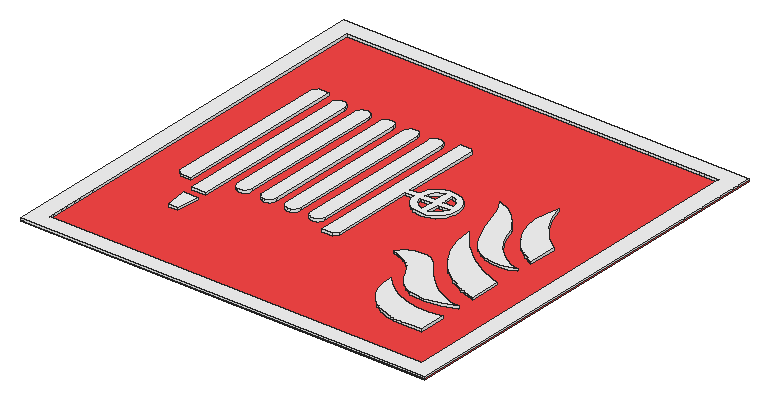
Revit family "GRAS_HW-52N-KP-15-20 HS Z", category Osprzęt hydrauliczny, Revit 2018
Family settings
  Obiekt nadrzędny = Powierzchnia
  Wymiar okrągłego złącza = Użyj średnicy
  Typ części = Normalny
  Tnij formami wycięć po wczytaniu = Nie
  Współdzielony = Nie
  Punkt obliczania pomieszczeń = Nie
Parameters (values of type "HW-52N-KP-15-20 HS-Z, RAL3000")
  URL = "http://www.gras.pl/"
  Top Right Supply Connection = ""
  Top Left Supply Connection = ""
  Side Right Supply Connection = ""
  Side Left Supply Connection = ""
  Producent = "GRAS PPPH"
  Pictogram_height = 90 mm
  Opis = "http://gras.pl/wp-content/uploads/2020/05/hw-52n-kp-15%EF%80%A220-hs-z.pdf"
  Model = "HW-52N-KP-15-20 HS-Z, RAL3000"
  K Factor = 42
  H1 = 120 mm
  Flow = 246.0 L/s
  Door_Right - Door_Left [instance] = no
  Default Elevation = 0 mm
  DN = 50 mm
  D1 = 100 mm
  Cabinet width = 600 mm
  Cabinet material = DC01, RAL3000
  Cabinet height = 900 mm
  Cabinet depth = 200 mm
  Back Right Supply Connection = ""
  Back Left Supply Connection = ""
  0 = 0 mm
Types (2, lengths in mm): name | Model | Cabinet material
  HW-52N-KP-15-20 HS-Z, RAL9010 | "HW-52N-KP-15-20 HS-Z, RAL9010" | DC01, RAL9010
  HW-52N-KP-15-20 HS-Z, RAL3000 | "HW-52N-KP-15-20 HS-Z, RAL3000" | DC01, RAL3000
Reference planes
  plane 1 "Środek (Przód/Tył)": y = 0
  plane 2: z = 0
  plane 3 "Środek (Lewa/Prawa)": x = 0
  plane 4: y = 450
  plane 5: y = -450
  plane 6: x = -300
  plane 7: x = 300
  plane 8: z = 200
  plane 9: z = 130
  plane 10: x = 397.5
  plane 11: z = 0
  plane 12: x = -397.5
  plane 13: z = 130
  plane 14: z = 130
Forms (mm)
  Extrusion 1, solid, not visible
    sketch origin (0, 0, 0) x (1, 0, 0) y (0, 1, 0)
      loop
        line (-1219.2, 1219.2) -> (-1219.2, -1219.2) -> (1219.2, -1219.2) -> (1219.2, 1219.2) -> (-1219.2, 1219.2)
    from 0 to -304.8
Dimensions and locks
  equal spacing: plane 4, plane 1 "Środek (Przód/Tył)", plane 5
  "Cabinet height": plane 4 to plane 5
  equal spacing: plane 6, plane 3 "Środek (Lewa/Prawa)", plane 7
  "Cabinet width": plane 6 to plane 7
  "Cabinet depth": plane 8 to Extrusion 1
  "0": nested 1 to plane 8
  "0": plane 3 "Środek (Lewa/Prawa)" to nested 1
  "0": plane 3 "Środek (Lewa/Prawa)" to nested 2
  "0": plane 1 "Środek (Przód/Tył)" to nested 2
  "Pictogram_height": plane 4 to nested 1
  aligned and locked: plane 2 to Extrusion 1
  aligned and locked: level to Extrusion 1
Automatic sketch dimensions
  Extrusion 1 sketch curve to Extrusion 1 sketch curve = 2438.4 mm  (x2)
Nested families
  nested 1: "pictogram_hydrant" at (0, 285, 200), type "150x150"
  nested 2: "Cabinet_complet" at (0, 0, 0), visible <- "Door_Right - Door_Left", type "Cabinet_complet"
    with Hinge_H2 738 mm, Half_Height 450 mm, Height 900 mm, Door_Height 834 mm, Door_Half_Height 417 mm
Connectors
  piping at (299, 330, 100), diameter 50, driven by "DN", driven by "Flow"
    settings: on nested 2, index 1, connector inside diameter 609.6 mm, connector length 0 mm, flow factor 0, pipe flow 246.0 L/s, pressure drop 0.0 Pa, fitting loss kfactor 0, connector angle 0.00°, fixture units 0, engagement length 0 mm, angle of deflection 0.00°, flow configuration 0, flow direction 0, fitting loss method 0, system type 7, joint type 0, gender type 0, connector reference index -1, connector utility 0, adjustable connector no, is connector primary yes, connector description ""
  piping at (-300, 330, 100), diameter 50, driven by "DN", driven by "Flow"
    settings: on nested 2, index 3, connector inside diameter 609.6 mm, connector length 0 mm, flow factor 0, pipe flow 246.0 L/s, pressure drop 0.0 Pa, fitting loss kfactor 0, connector angle 0.00°, fixture units 0, engagement length 0 mm, angle of deflection 0.00°, flow configuration 0, flow direction 0, fitting loss method 0, system type 19, joint type 0, gender type 0, connector reference index -1, connector utility 0, adjustable connector no, is connector primary no, connector description ""
Definition of nested family "pictogram_hydrant"
  Parameters (values of type "150x150")
    pictogram_color_white = none
    pictogram_color_red = none
    W = 150 mm
    H = 150 mm
    Default Elevation = 1219.2 mm
  Reference planes
    plane 1 "Środek (Przód/Tył)": y = 0
    plane 2: z = 0
    plane 3 "Środek (Lewa/Prawa)": x = 0
    plane 4: x = -75
    plane 5: x = 75
    plane 6: y = 75
    plane 7: x = -75
    plane 8: x = 75
    plane 9: y = 75
    plane 10: y = -75
  Forms (mm)
    Extrusion 1, solid, material <- "pictogram_color_white", detail levels fine
      sketch origin (0, 0, 0) x (1, 0, 0) y (0, 1, 0)
        loop
          arc (-42.375, 34.5) -> (-45, 37.125) -> (-47.625, 34.5) r 2.625
          line (-47.625, 34.5) -> (-47.625, -29.625) -> (-42.375, -29.625) -> (-42.375, 34.5)
        loop
          arc (-38.625, -19.5) -> (-36, -22.125) -> (-33.375, -19.5) r 2.625
          line (-33.375, -19.5) -> (-33.375, 34.5)
          arc (-33.375, 34.5) -> (-36, 37.125) -> (-38.625, 34.5) r 2.625
          line (-38.625, 34.5) -> (-38.625, -19.5)
        loop
          arc (-29.625, -19.5) -> (-27, -22.125) -> (-24.375, -19.5) r 2.625
          line (-24.375, -19.5) -> (-24.375, 34.5)
          arc (-24.375, 34.5) -> (-27, 37.125) -> (-29.625, 34.5) r 2.625
          line (-29.625, 34.5) -> (-29.625, -19.5)
        loop
          arc (-20.625, -19.5) -> (-18, -22.125) -> (-15.375, -19.5) r 2.625
          line (-15.375, -19.5) -> (-15.375, 34.5)
          arc (-15.375, 34.5) -> (-18, 37.125) -> (-20.625, 34.5) r 2.625
          line (-20.625, 34.5) -> (-20.625, -19.5)
        loop
          arc (-11.625, -19.5) -> (-9, -22.125) -> (-6.375, -19.5) r 2.625
          line (-6.375, -19.5) -> (-6.375, 34.5)
          arc (-6.375, 34.5) -> (-9, 37.125) -> (-11.625, 34.5) r 2.625
          line (-11.625, 34.5) -> (-11.625, -19.5)
        loop
          arc (8.096, 6.375) -> (9.601, 3.593) -> (12.375, 2.075) r 5.587
          line (12.375, 2.075) -> (12.375, 6.375) -> (8.096, 6.375)
        loop
          arc (14.625, 2.05) -> (17.477, 3.549) -> (19.026, 6.375) r 5.587
          line (19.026, 6.375) -> (14.625, 6.375) -> (14.625, 2.05)
        loop
          arc (12.375, 12.994) -> (9.576, 11.45) -> (8.081, 8.625) r 5.587
          line (8.081, 8.625) -> (12.375, 8.625) -> (12.375, 12.994)
        loop
          arc (19.04, 8.625) -> (17.502, 11.494) -> (14.625, 13.019) r 5.587
          line (14.625, 13.019) -> (14.625, 8.625) -> (19.04, 8.625)
        loop
          arc (30.735, -35.586) -> (34.985, -47.78) -> (46.5, -53.625) r 17.285
          line (46.5, -53.625) -> (56.625, -53.625) -> (56.625, -43.857)
          arc (56.625, -43.857) -> (42.542, -43.284) -> (30.735, -35.586) r 26.558
        loop
          arc (43.5, 26.625) -> (44.037, 9.214) -> (56.632, -2.819) r 22.981
          line (56.632, -2.819) -> (56.601, 7.732)
          arc (56.601, 7.732) -> (48.159, 15.867) -> (43.5, 26.625) r 29.857
        loop
          arc (36.375, -1.5) -> (44.77, -9.178) -> (56.121, -8.425) r 14.487
          arc (56.121, -8.425) -> (50.239, -6.221) -> (45.629, -1.954) r 16.287
          arc (45.629, -1.954) -> (42.437, 2.964) -> (40.404, 8.464) r 26.509
          arc (40.404, 8.464) -> (34.776, 15.029) -> (27.375, 19.5) r 27.251
          arc (27.375, 19.5) -> (29.19, 16.657) -> (30.375, 13.5) r 16.152
          arc (30.375, 13.5) -> (32.842, 5.787) -> (36.375, -1.5) r 57.118
        loop
          line (75, -75) -> (75, 75) -> (-75, 75) -> (-75, -75) -> (75, -75)
        loop
          line (69, -69) -> (69, 69) -> (-69, 69) -> (-69, -69) -> (69, -69)
        loop
          line (-55.125, -25.5) -> (-51.375, -25.5) -> (-51.375, 38.625) -> (-55.125, 38.625) -> (-56.625, 37.125) -> (-56.625, -24) -> (-55.125, -25.5)
        loop
          line (-43.234, -41.671) -> (-42.368, -33.375) -> (-47.658, -33.375) -> (-46.721, -41.671) -> (-43.234, -41.671)
        loop
          line (5.748, 8.625) -> (2.625, 8.625) -> (2.625, 37.125) -> (1.125, 38.625) -> (-2.625, 38.625) -> (-2.625, -25.5) -> (1.125, -25.5) -> (2.625, -24) -> (2.625, 6.375) -> (5.748, 6.375)
          arc (5.748, 6.375) -> (21.333, 7.5) -> (5.748, 8.625) r 7.833
        loop
          arc (56.626, -18.699) -> (42.495, -11.687) -> (31.5, -0.375) r 46.748
          arc (31.5, -0.375) -> (38.925, -19.413) -> (56.626, -29.624) r 30.825
          line (56.626, -29.624) -> (56.626, -18.699)
        loop
          arc (30.403, -18.389) -> (25.366, -19.297) -> (21.375, -22.5) r 10.383
          arc (21.375, -22.5) -> (27.7, -25.134) -> (32.166, -30.331) r 14.829
          arc (32.166, -30.331) -> (35.524, -35.29) -> (40.5, -38.625) r 15.649
          arc (40.5, -38.625) -> (48.741, -38.75) -> (56.621, -36.335) r 26.465
          arc (56.621, -36.335) -> (49.534, -34.515) -> (43.5, -30.375) r 21.005
          arc (43.5, -30.375) -> (39.113, -26.466) -> (35.439, -21.881) r 35.088
          arc (35.439, -21.881) -> (33.209, -19.719) -> (30.403, -18.389) r 9.54
      from 0.2 to 1
    Extrusion 2, solid, material <- "pictogram_color_red", detail levels fine
      sketch origin (0, 0, 0) x (1, 0, 0) y (0, 1, 0)
        loop
          line (-75, 75) -> (-75, -75) -> (75, -75) -> (75, 75) -> (-75, 75)
      from 0 to 0.2
  Dimensions and locks
    equal spacing: plane 7, plane 3 "Środek (Lewa/Prawa)", plane 8
    "W": plane 7 to plane 8
    equal spacing: plane 9, plane 1 "Środek (Przód/Tył)", plane 10
    "H": plane 9 to plane 10
    aligned and locked: level to plane 2
    aligned and locked: Extrusion 1 to Extrusion 2  (x2)
    aligned and locked: Extrusion 2 to Extrusion 1  (x3)
    aligned and locked: Extrusion 1 to plane 7
    aligned and locked: plane 8 to Extrusion 1
    aligned and locked: plane 9 to Extrusion 1
    aligned and locked: Extrusion 1 to plane 10
  Automatic sketch dimensions
    Extrusion 1 sketch curve to Extrusion 1 sketch curve = 0 mm  (x22)
    Extrusion 1 sketch curve to plane 4 = 0 mm
    Extrusion 1 sketch curve to plane 5 = 0 mm
    Extrusion 1 sketch curve to plane 6 = 0 mm
    plane 4 to Extrusion 1 sketch curve = 6 mm
    plane 4 to Extrusion 1 sketch curve = 18.375 mm
    Extrusion 1 sketch curve to Extrusion 1 sketch curve = 1.5 mm  (x7)
    Extrusion 1 sketch curve to Extrusion 1 sketch curve = 3.75 mm  (x6)
    Extrusion 1 sketch curve to Extrusion 1 sketch curve = 3.717 mm
    Extrusion 1 sketch curve to Extrusion 1 sketch curve = 0.033 mm
    Extrusion 1 sketch curve to Extrusion 1 sketch curve = 0.938 mm
    Extrusion 1 sketch curve to Extrusion 1 sketch curve = 2.625 mm  (x7)
    Extrusion 1 sketch curve to Extrusion 1 sketch curve = 3.487 mm
    Extrusion 1 sketch curve to Extrusion 1 sketch curve = 0.007 mm
    Extrusion 1 sketch curve to plane 3 "Środek (Lewa/Prawa)" = 2.625 mm
    plane 3 "Środek (Lewa/Prawa)" to Extrusion 1 sketch curve = 1.125 mm  (x2)
    plane 3 "Środek (Lewa/Prawa)" to Extrusion 1 sketch curve = 2.625 mm
    Extrusion 1 sketch curve to Extrusion 1 sketch curve = 3.123 mm
    Extrusion 1 sketch curve to Extrusion 1 sketch curve = 2.333 mm
    Extrusion 1 sketch curve to Extrusion 1 sketch curve = 0.014 mm  (x2)
    Extrusion 1 sketch curve to Extrusion 1 sketch curve = 4.294 mm
    Extrusion 1 sketch curve to Extrusion 1 sketch curve = 1.125 mm  (x2)
    Extrusion 1 sketch curve to Extrusion 1 sketch curve = 0.061 mm
    Extrusion 1 sketch curve to Extrusion 1 sketch curve = 1.064 mm  (x2)
    Extrusion 1 sketch curve to Extrusion 1 sketch curve = 0.118 mm
    Extrusion 1 sketch curve to Extrusion 1 sketch curve = 2.539 mm
    plane 3 "Środek (Lewa/Prawa)" to Extrusion 1 sketch curve = 18.99 mm
    Extrusion 1 sketch curve to Extrusion 1 sketch curve = 4.401 mm
    Extrusion 1 sketch curve to Extrusion 1 sketch curve = 8.783 mm
    Extrusion 1 sketch curve to Extrusion 1 sketch curve = 1.895 mm
    plane 1 "Środek (Przód/Tył)" to Extrusion 1 sketch curve = 12.549 mm
    Extrusion 1 sketch curve to Extrusion 1 sketch curve = 15.349 mm
    Extrusion 1 sketch curve to plane 5 = 28.5 mm
    Extrusion 1 sketch curve to Extrusion 1 sketch curve = 1.545 mm
    Extrusion 1 sketch curve to Extrusion 1 sketch curve = 1.437 mm
    Extrusion 1 sketch curve to plane 1 "Środek (Przód/Tył)" = 4.493 mm
    Extrusion 1 sketch curve to Extrusion 1 sketch curve = 4.546 mm
    Extrusion 1 sketch curve to Extrusion 1 sketch curve = 4.061 mm
    Extrusion 1 sketch curve to Extrusion 1 sketch curve = 7.037 mm
    Extrusion 1 sketch curve to Extrusion 1 sketch curve = 10.125 mm
    Extrusion 1 sketch curve to Extrusion 1 sketch curve = 8.626 mm
    plane 1 "Środek (Przód/Tył)" to Extrusion 1 sketch curve = 2.819 mm
    Extrusion 1 sketch curve to Extrusion 1 sketch curve = 7.068 mm
    Extrusion 1 sketch curve to Extrusion 1 sketch curve = 1.594 mm
    Extrusion 1 sketch curve to Extrusion 1 sketch curve = 2.188 mm
    Extrusion 1 sketch curve to plane 1 "Środek (Przód/Tył)" = 0.672 mm
    Extrusion 1 sketch curve to Extrusion 1 sketch curve = 5.675 mm
    plane 1 "Środek (Przód/Tył)" to Extrusion 1 sketch curve = 2.314 mm
    Extrusion 1 sketch curve to Extrusion 1 sketch curve = 2.258 mm
    Extrusion 1 sketch curve to plane 5 = 9.975 mm
    Extrusion 1 sketch curve to Extrusion 1 sketch curve = 1.108 mm
    Extrusion 1 sketch curve to plane 5 = 6 mm
    Extrusion 1 sketch curve to plane 5 = 4.96 mm
    Extrusion 1 sketch curve to plane 5 = 2.306 mm
    plane 5 to Extrusion 1 sketch curve = 10.875 mm
    Extrusion 1 sketch curve to Extrusion 1 sketch curve = 12.572 mm
    Extrusion 1 sketch curve to Extrusion 1 sketch curve = 5.437 mm
    Extrusion 1 sketch curve to Extrusion 1 sketch curve = 3.308 mm
    plane 1 "Środek (Przód/Tył)" to Extrusion 1 sketch curve = 19.5 mm
    Extrusion 1 sketch curve to Extrusion 1 sketch curve = 4.5 mm  (x2)
    Extrusion 1 sketch curve to Extrusion 1 sketch curve = 6.213 mm
    Extrusion 1 sketch curve to Extrusion 1 sketch curve = 3.361 mm
    Extrusion 1 sketch curve to Extrusion 1 sketch curve = 1.186 mm
    Extrusion 1 sketch curve to Extrusion 1 sketch curve = 10.925 mm
    Extrusion 1 sketch curve to Extrusion 1 sketch curve = 4.125 mm
    Extrusion 1 sketch curve to Extrusion 1 sketch curve = 6.781 mm
    Extrusion 1 sketch curve to Extrusion 1 sketch curve = 9.577 mm
    Extrusion 1 sketch curve to Extrusion 1 sketch curve = 8.296 mm
    Extrusion 1 sketch curve to Extrusion 1 sketch curve = 7.452 mm
    Extrusion 1 sketch curve to Extrusion 1 sketch curve = 9.768 mm
    Extrusion 1 sketch curve to Extrusion 1 sketch curve = 27.329 mm
    Extrusion 1 sketch curve to Extrusion 1 sketch curve = 6 mm
    plane 1 "Środek (Przód/Tył)" to Extrusion 1 sketch curve = 5.765 mm
    Extrusion 1 sketch curve to plane 1 "Środek (Przód/Tył)" = 2.05 mm
    Extrusion 1 sketch curve to plane 1 "Środek (Przód/Tył)" = 2.075 mm
    Extrusion 1 sketch curve to Extrusion 1 sketch curve = 4.325 mm
    Extrusion 1 sketch curve to Extrusion 1 sketch curve = 0.034 mm
    Extrusion 1 sketch curve to plane 1 "Środek (Przód/Tył)" = 7.642 mm
    Extrusion 1 sketch curve to Extrusion 1 sketch curve = 0.09 mm
    Extrusion 1 sketch curve to Extrusion 1 sketch curve = 2.25 mm
    Extrusion 1 sketch curve to Extrusion 1 sketch curve = 0.809 mm
    Extrusion 1 sketch curve to Extrusion 1 sketch curve = 7.206 mm
    Extrusion 1 sketch curve to Extrusion 1 sketch curve = 3.727 mm
    Extrusion 1 sketch curve to Extrusion 1 sketch curve = 7.508 mm
    Extrusion 1 sketch curve to Extrusion 1 sketch curve = 0.917 mm
    Extrusion 1 sketch curve to Extrusion 1 sketch curve = 6.797 mm
    Extrusion 1 sketch curve to plane 1 "Środek (Przód/Tył)" = 34.5 mm
    Extrusion 1 sketch curve to plane 6 = 6 mm
    Extrusion 1 sketch curve to Extrusion 1 sketch curve = 6.399 mm
    Extrusion 1 sketch curve to Extrusion 1 sketch curve = 8.335 mm
    Extrusion 1 sketch curve to Extrusion 1 sketch curve = 3 mm
    Extrusion 1 sketch curve to Extrusion 1 sketch curve = 2.63 mm
    Extrusion 1 sketch curve to Extrusion 1 sketch curve = 2.497 mm
    Extrusion 1 sketch curve to Extrusion 1 sketch curve = 5.036 mm
    plane 1 "Środek (Przód/Tył)" to Extrusion 1 sketch curve = 1.5 mm
    Extrusion 1 sketch curve to Extrusion 1 sketch curve = 4.875 mm
    Extrusion 1 sketch curve to plane 1 "Środek (Przód/Tył)" = 8.464 mm
    Extrusion 1 sketch curve to Extrusion 1 sketch curve = 7.5 mm
    Extrusion 1 sketch curve to Extrusion 1 sketch curve = 3.063 mm
    plane 1 "Środek (Przód/Tył)" to Extrusion 1 sketch curve = 1.954 mm
    Extrusion 1 sketch curve to Extrusion 1 sketch curve = 0.005 mm
    Extrusion 2 sketch curve to plane 4 = 0 mm
    Extrusion 2 sketch curve to plane 5 = 0 mm
    Extrusion 2 sketch curve to plane 6 = 0 mm
    plane 1 "Środek (Przód/Tył)" to Extrusion 2 sketch curve = 75 mm
Definition of nested family "Cabinet_complet"
  Parameters (values of type "Cabinet_complet")
    W1 = 120 mm
    Visible_Right = not(Left_Right)  # yes
    Thickness = 1 mm
    Rubber = 8 mm
    Roof = 40 mm
    Material_hinge_lock = none
    Material = none
    Left_Right = no
    Hinge_H2 = Height - Roof - Frame - 100 mm  # 588 mm
    Hinge_H1 = 100 mm
    Half_Height = Height / 2  # 375 mm
    Height = 750 mm
    Width = 600 mm
    H1 = 120 mm
    Gap = 4 mm
    Frame = 22 mm
    Flow = 246.0 L/s
    Door_Width = Width  # 600 mm
    Door_Rubber = Depth - Door_Depth  # 178 mm
    Door_Height = Height - Gap - Roof - Frame  # 684 mm
    Door_Half_Height = Door_Height / 2  # 342 mm
    Door_Depth = 22 mm
    Depth = 200 mm
    DN_Hole = DN + 20 mm  # 70 mm
    DN = 50 mm
    D1 = 100 mm
    0 = 0 mm
  Reference planes
    plane 1 "Środek (Przód/Tył)": y = 0
    plane 2: z = 0
    plane 3 "Środek (Lewa/Prawa)": x = 0
    plane 4: z = 200
    plane 5: y = 750
    plane 6: y = -375
    plane 7: x = 300
    plane 8: x = -300
    plane 9: y = -33
  Dimensions and locks
    "0": plane 3 "Środek (Lewa/Prawa)" to nested 1
    "0": plane 1 "Środek (Przód/Tył)" to nested 1
    "Height": plane 5 to plane 1 "Środek (Przód/Tył)"
    "0": plane 3 "Środek (Lewa/Prawa)" to nested 2
    "Door_Rubber": nested 2 to plane 2
    "Half_Height": plane 1 "Środek (Przód/Tył)" to plane 6
    "0": nested 2 to plane 6
    equal spacing: plane 7, plane 3 "Środek (Lewa/Prawa)", plane 8
    "Width": plane 7 to plane 8
    "Depth": plane 4 to level
    "0": nested 3 to plane 8
    "0": nested 4 to plane 8
    "Hinge_H1": plane 6 to nested 4
    "Hinge_H2": nested 3 to plane 6
    "Gap": nested 3 to plane 4
    "Gap": plane 4 to nested 4
    "0": nested 6 to plane 8
    "0": plane 7 to nested 5
    "Door_Half_Height": plane 9 to plane 6
    "0": plane 9 to nested 5
    "0": nested 6 to plane 9
    "Gap": nested 6 to plane 4
    "Gap": plane 4 to nested 5
    "0": plane 3 "Środek (Lewa/Prawa)" to nested 7
    "0": nested 7 to plane 1 "Środek (Przód/Tył)"
    "0": plane 7 to nested 8
    "0": plane 7 to nested 9
    "Hinge_H1": plane 6 to nested 9
    "Hinge_H2": plane 6 to nested 8
    "Gap": plane 4 to nested 9
    "Gap": plane 4 to nested 8
    aligned and locked: level to plane 2
  Nested families
    nested 1: "HS-Z v2" at (0, 0, 0), visible <- "Visible_Right", type "HS-Z v2"
    nested 2: "door" at (0, -33, 178), type "door"
      with Height 684 mm, Width 600 mm
    nested 3: "zawias" at (-305, 238, 166) x (-1, 0, 0) z (0, 0, 1), visible <- "Left_Right", type "zawias"
      with Visible no
    nested 4: "zawias" at (-305, -250, 166) x (-1, 0, 0) z (0, 0, 1), visible <- "Left_Right", type "zawias"
      with Visible no
    nested 5: "zamek" at (300, -33, 161), visible <- "Left_Right", type "zamek"
    nested 6: "zamek" at (-300, -33, 161) x (-1, 0, 0) z (0, 0, 1), visible <- "Visible_Right", type "zamek"
    nested 7: "HS-Z v2" at (0, 0, 0) x (-1, 0, 0) z (0, 0, 1), visible <- "Left_Right", type "HS-Z v2"
    nested 8: "zawias" at (305, 238, 166), visible <- "Visible_Right", type "zawias"
      with Visible no
    nested 9: "zawias" at (305, -250, 166), visible <- "Visible_Right", type "zawias"
      with Visible no
  Definition of nested family "HS-Z v2"
    Parameters (values of type "HS-Z v2")
      Width = 600 mm
      W1 = 120 mm
      D1 = 100 mm
      Thickness = 1 mm
      Srednica = 70 mm
      Rubber = 8 mm
      Roof_out = 10 mm
      Roof_Height = 40 mm
      Materiał = none
      Height = 750 mm
      H1 = 120 mm
      Frame = 22 mm
      Door_Depth_rubber = Door_Depth + Rubber  # 30 mm
      Door_Depth = 22 mm
      Depth = 200 mm
      DN = 70 mm
      Cabinet_depth = Depth - Door_Depth_rubber  # 170 mm
      0 = 0 mm
    Reference planes
      plane 1 "Środek (Przód/Tył)": y = 0
      plane 2: z = 0
      plane 3 "Środek (Lewa/Prawa)": x = 0
      plane 4: x = -300
      plane 5: x = 300
      plane 6: y = 375
      plane 7: y = -375
      plane 8: z = 200
      plane 9: z = 170
      plane 10: y = 335
      plane 11: y = 313
      plane 12: z = 210
      plane 13: y = 291
      plane 14: z = 209
      plane 15: z = 1
      plane 16: y = -374
      plane 17: z = 169
      plane 18: y = 374
      plane 19: y = 314
      plane 20: y = 334
      plane 21: x = 299
      plane 22: x = -299
      plane 23: x = -278
      plane 24: x = 278
      plane 25: y = -353
      plane 26: y = 255
      plane 27: z = 100
      plane 28: x = 180
    Forms (mm)
      Extrusion 1, solid, material <- "Materiał"
        sketch origin (0, 0, 0) x (0, 1, 0) y (0, 0, 1)
          loop
            line (375, 0) -> (335, 210) -> (313, 210) -> (319.154, 170) -> (-375, 170) -> (-375, 0) -> (375, 0)
        from -300 to 300
      Extrusion 2, void
        sketch origin (0, 0, 0) x (0, 1, 0) y (0, 0, 1)
          loop
            line (374, 1) -> (334, 209) -> (314, 209) -> (320.202, 169) -> (-374, 169) -> (-374, 1) -> (374, 1)
        from -299 to 299
      Extrusion 3, void
        sketch origin (0, 0, 0) x (1, 0, 0) y (0, 1, 0)
          loop
            line (-278, 291) -> (-278, -353) -> (278, -353) -> (278, 291) -> (-278, 291)
        from 1 to 210
      Extrusion 4, void
        sketch origin (300, 0, 0) x (0, -1, 0) y (0, 0, 1)
          loop
            circle (-255, 100) r 35
        from 0 to 1
    Cuts and joins
      Extrusion 2, Extrusion 3, Extrusion 4 cuts Extrusion 1
    Dimensions and locks
      equal spacing: plane 4, plane 3 "Środek (Lewa/Prawa)", plane 5
      "Width": plane 4 to plane 5
      equal spacing: plane 6, plane 1 "Środek (Przód/Tył)", plane 7
      "Height": plane 6 to plane 7
      "Roof_Height": plane 6 to plane 10
      "Frame": plane 10 to plane 11
      "Cabinet_depth": plane 9 to plane 2
      "Depth": plane 8 to plane 2
      "Roof_out": plane 12 to plane 8
      "Frame": plane 11 to plane 13
      "Thickness": plane 12 to plane 14
      "Thickness": plane 15 to plane 2
      "Thickness": plane 16 to plane 7
      "Thickness": plane 9 to plane 17
      "Thickness": plane 6 to plane 18
      "Thickness": plane 19 to plane 11
      "Thickness": plane 10 to plane 20
      "Thickness": plane 4 to plane 22
      "Thickness": plane 21 to plane 5
      "Frame": plane 25 to plane 7
      "Frame": plane 4 to plane 23
      "Frame": plane 24 to plane 5
      "0": cut or joined group of Extrusion 1, Extrusion 2, Extrusion 3, Extrusion 4 to plane 5
      "0": plane 4 to cut or joined group of Extrusion 1, Extrusion 2, Extrusion 3, Extrusion 4
      "0": plane 22 to cut or joined group of Extrusion 1, Extrusion 2, Extrusion 3, Extrusion 4
      "0": cut or joined group of Extrusion 1, Extrusion 2, Extrusion 3, Extrusion 4 to plane 21
      "0": plane 12 to cut or joined group of Extrusion 1, Extrusion 2, Extrusion 3, Extrusion 4
      "D1": plane 27 to level
      "H1": plane 6 to plane 26
      "W1": plane 28 to plane 5
      "0": cut or joined group of Extrusion 1, Extrusion 2, Extrusion 3, Extrusion 4 to cut or joined group of Extrusion 1, Extrusion 2, Extrusion 3, Extrusion 4
      "0": plane 21 to cut or joined group of Extrusion 1, Extrusion 2, Extrusion 3, Extrusion 4
      "0": Extrusion 4 sketch curve to plane 26
      "0": Extrusion 4 sketch curve to plane 27
      "DN": diameter of Extrusion 4 sketch curve
      aligned and locked: level to plane 2
    Automatic sketch dimensions
      Extrusion 1 sketch curve to plane 7 = 0 mm
      Extrusion 1 sketch curve to plane 11 = 0 mm
      Extrusion 1 sketch curve to plane 9 = 0 mm
      Extrusion 1 sketch curve to plane 10 = 0 mm
      Extrusion 1 sketch curve to level = 0 mm
      Extrusion 1 sketch curve to plane 6 = 0 mm
      Extrusion 1 sketch curve to plane 12 = 0 mm
      Extrusion 1 sketch curve to plane 11 = 6.154 mm
      Extrusion 2 sketch curve to plane 16 = 0 mm
      Extrusion 2 sketch curve to plane 15 = 0 mm
      Extrusion 2 sketch curve to plane 14 = 0 mm
      Extrusion 2 sketch curve to plane 19 = 0 mm
      Extrusion 2 sketch curve to plane 17 = 0 mm
      Extrusion 2 sketch curve to plane 20 = 0 mm
      Extrusion 2 sketch curve to plane 18 = 0 mm
      Extrusion 2 sketch curve to plane 19 = 6.202 mm
      Extrusion 3 sketch curve to plane 23 = 0 mm
      plane 13 to Extrusion 3 sketch curve = 0 mm
      Extrusion 3 sketch curve to plane 24 = 0 mm
      Extrusion 3 sketch curve to plane 25 = 0 mm
  Definition of nested family "door"
    Parameters (values of type "door")
      Material = none
      Height = 829 mm
      Width = 795 mm
      Depth = 22 mm
      0 = 0 mm
    Reference planes
      plane 1 "Środek (Przód/Tył)": y = 0
      plane 2: z = 0
      plane 3 "Środek (Lewa/Prawa)": x = 0
      plane 4: x = -397.5
      plane 5: x = 397.5
      plane 6: y = 414.5
      plane 7: y = -414.5
      plane 8: z = 22
    Forms (mm)
      Extrusion 1, solid, material <- "Material"
        sketch origin (0, 0, 0) x (1, 0, 0) y (0, 1, 0)
          loop
            line (-397.5, 414.5) -> (-397.5, -414.5) -> (397.5, -414.5) -> (397.5, 414.5) -> (-397.5, 414.5)
        from 0 to 22
    Dimensions and locks
      equal spacing: plane 6, plane 1 "Środek (Przód/Tył)", plane 7
      equal spacing: plane 4, plane 3 "Środek (Lewa/Prawa)", plane 5
      "Width": plane 4 to plane 5
      "Height": plane 6 to plane 7
      "Depth": plane 8 to plane 2
      "0": plane 8 to Extrusion 1
      aligned and locked: level to plane 2
    Automatic sketch dimensions
      Extrusion 1 sketch curve to plane 4 = 0 mm
      Extrusion 1 sketch curve to plane 5 = 0 mm
      Extrusion 1 sketch curve to plane 7 = 0 mm
      Extrusion 1 sketch curve to plane 6 = 0 mm
  Definition of nested family "zawias"
    Parameters (values of type "zawias")
      width_height = 50 mm
      faza = 3 mm
      Visible = yes
      Materiał = none
      Depth = 10 mm
    Reference planes
      plane 1 "Środek (Przód/Tył)": y = 0
      plane 2: z = 0
      plane 3 "Środek (Lewa/Prawa)": x = 0
      plane 4: x = -25
      plane 5: y = 25
      plane 6: x = 25
      plane 7: y = -25
      plane 8: z = 10
      plane 9: z = 7
      plane 10: x = -3
      plane 11: x = 3
      plane 12: x = 22
      plane 13: x = -22
    Forms (mm)
      Extrusion 1, solid, material <- "Materiał"
        sketch origin (-5, 0, 5) x (0, 0, -1) y (1, 0, 0)
          loop
            line (-25, 0) -> (25, 0) -> (25, 7) -> (22, 10) -> (3, 10) -> (0, 7) -> (-3, 10) -> (-22, 10) -> (-25, 7) -> (-25, 0)
        from -25 to 25
    Dimensions and locks
      equal spacing: plane 4, plane 3 "Środek (Lewa/Prawa)", plane 6
      "width_height": plane 4 to plane 6
      equal spacing: plane 5, plane 1 "Środek (Przód/Tył)", plane 7
      "width_height": plane 5 to plane 7
      "Depth": plane 8 to plane 2
      "faza": plane 8 to plane 9
      "faza": plane 13 to plane 4
      "faza": plane 3 "Środek (Lewa/Prawa)" to plane 10
      "faza": plane 11 to plane 3 "Środek (Lewa/Prawa)"
      "faza": plane 6 to plane 12
      aligned and locked: level to plane 2
    Automatic sketch dimensions
      Extrusion 1 sketch curve to plane 10 = 2 mm
      plane 8 to Extrusion 1 sketch curve = 20 mm
      plane 11 to Extrusion 1 sketch curve = 2 mm  (x2)
      Extrusion 1 sketch curve to Extrusion 1 sketch curve = 3 mm  (x2)
      plane 9 to Extrusion 1 sketch curve = 1 mm
      Extrusion 1 sketch curve to plane 9 = 2 mm
      level to Extrusion 1 sketch curve = 2 mm
      Extrusion 1 sketch curve to level = 17 mm
      Extrusion 1 sketch curve to plane 11 = 1 mm  (x2)
  Definition of nested family "zamek"
    Parameters (values of type "zamek")
      height = 20 mm
      depth = 10 mm
      border = 3 mm
      Width = 35 mm
      Material = none
    Reference planes
      plane 1 "Środek (Przód/Tył)": y = 0
      plane 2: z = 0
      plane 3 "Środek (Lewa/Prawa)": x = 0
      plane 4: y = 10
      plane 5: y = -10
      plane 6: y = -7
      plane 7: y = 7
      plane 8: x = 10
      plane 9: x = 3
      plane 10: y = 4
      plane 11: y = -4
      plane 12: z = 35
    Forms (mm)
      Extrusion 1, solid, material <- "Material"
        sketch origin (0, 0, 0) x (1, 0, 0) y (0, 1, 0)
          loop
            line (0, 10) -> (0, -10) -> (10, -10) -> (10, -7) -> (3, -7) -> (3, -4) -> (10, -4) -> (10, 4) -> (3, 4) -> (3, 7) -> (10, 7) -> (10, 10) -> (0, 10)
        from 0 to 35
    Dimensions and locks
      equal spacing: plane 4, plane 1 "Środek (Przód/Tył)", plane 5
      "height": plane 4 to plane 5
      "border": plane 6 to plane 5
      "border": plane 7 to plane 4
      "border": plane 3 "Środek (Lewa/Prawa)" to plane 9
      "depth": plane 3 "Środek (Lewa/Prawa)" to plane 8
      "border": plane 10 to plane 7
      "border": plane 11 to plane 6
      "Width": plane 12 to plane 2
      aligned and locked: level to plane 2
    Automatic sketch dimensions
      Extrusion 1 sketch curve to plane 3 "Środek (Lewa/Prawa)" = 0 mm
      Extrusion 1 sketch curve to plane 9 = 0 mm  (x2)
      plane 7 to Extrusion 1 sketch curve = 0 mm
      Extrusion 1 sketch curve to plane 8 = 0 mm  (x3)
      Extrusion 1 sketch curve to plane 6 = 0 mm
      Extrusion 1 sketch curve to plane 5 = 0 mm
      Extrusion 1 sketch curve to plane 11 = 0 mm
      plane 10 to Extrusion 1 sketch curve = 0 mm
      Extrusion 1 sketch curve to plane 4 = 0 mm
